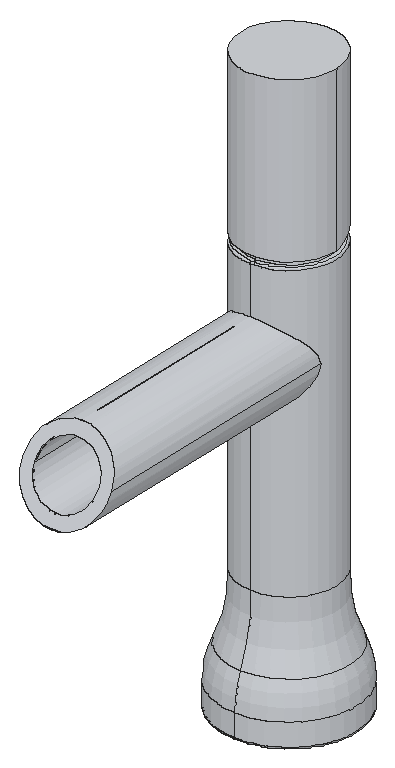
Revit family "Faucet-Lavatory-KOHLER-Toobi-K-7329IN", category Plumbing Fixtures, host Face, Revit 2017
Family settings
  Host = Face
  Round Connector Dimension = Use Diameter
  Part Type = Normal
  OmniClass Number = 23.31.11.00
  OmniClass Title = Faucets
  Cut with Voids When Loaded = No
  Shared = No
  Room Calculation Point = No
Parameters (values of type "CP-Polished Chrome")
  Width = 1 217/256"  # constant formula
  WaterSense Certified = 1 = 0  # no
  Waste Water Outlet = "Waste Water Outlet"  # constant formula
  Waste Connection = 1 = 0  # no
  Vent Connection = 1 = 0  # no
  URL = "https://www.kohler.co.in/"
  Type = 1
  Spout Reach = 3 25/32"  # constant formula
  Product Page URL = ""
  Product Name = "Toobi"  # constant formula
  Product Documentation Link = ""
  Pressure = 0.00 psi
  Model = "K-7329IN-9ND-CP"  # constant formula
  Material = "Premium Metal Construction"  # constant formula
  Master Format 2014 Name = "Residential Faucets, Supplies, and Trim"  # constant formula
  Master Format 2014 = "22 41 39"  # constant formula
  Manufacturer Address = "Ambience Office Tower NH-8 Gurgaon / Gurugram Haryana , 122001"  # constant formula
  Manufacturer = "KOHLER Co."  # constant formula
  Length = Spout Reach  # 3 25/32"
  Hot Water Inlet = "Hot Water Inlet"  # constant formula
  Height = 8 3/256"  # constant formula
  Handle Clearance = 0"
  HW Connection = 1 = 1  # yes
  Flow Rate = 0 GPM
  Finish = Kohler-Metal-CP-Polished_Chrome
  Faucet Hole Spacing = 0"
  Environmental Product Declaration = ""
  Drain Included = 1 = 0  # no
  Description = "TOOBI SINGLE CONTROL LAV FAUCET"  # constant formula
  Default Elevation = 36"
  Declare Label = ""
  Date Modified = "10/28/2020"  # constant formula
  Date Created = "10/28/2020"  # constant formula
  Copyright = "Copyright KOHLER Co."  # constant formula
  Contact Us = "https://www.kohler.co.in/contact-us"
  Cold Water Inlet = "Cold Water Inlet"  # constant formula
  CW Connection = 1 = 1  # yes
  Assembly Code = "D2010"
  ADA Compliant = 1 = 0  # no
Reference planes (in)
  plane 1 "Center (Front/Back)": y = 0
  plane 2: z = 0
  plane 3 "Center (Left/Right)": x = 0
  plane 4: x = -0.92474
  plane 5: x = 0.92292
  plane 6: y = 0.92471
  plane 7: y = -0.92471
  plane 8: y = -3.78125
  plane 9: z = 8.01172
  plane 10: z = 4.48819
  plane 11: z = 5.03937
  plane 12: z = 3.93701
Dimensions and locks (in)
  "Height": plane 9 to level
  "Spout Reach": plane 1 "Center (Front/Back)" to plane 8
  "Width": plane 4 to plane 5
  aligned and locked: plane 2 to host face
  aligned and locked: level to host face
  aligned and locked: plane 8 to nested 1
Automatic sketch dimensions
  host sketch curve to host sketch curve = 96"  (x2)
Nested families (in)
  nested 1: "K-7329IN" at (0, -0.00172, 0), type "K-7329IN"
Connectors (in)
  piping at (-0.61462, -0.00172, 0), diameter 0.5, driven by "HW Connection", driven by "Hot Water Inlet"
    settings: on nested 1, index 1, connector inside diameter 24", connector length 0", flow factor 0, pipe flow 0 GPM, pressure drop 0.00 psi, fitting loss kfactor 0, connector angle 0.00°, fixture units 0, engagement length 0", angle of deflection 0.00°, flow configuration 0, flow direction 1, fitting loss method 0, system type 19, joint type 0, gender type 0, connector reference index -1, connector utility 1, adjustable connector no, is connector primary yes, connector description "Hot Water Inlet"
  piping at (0.61462, -0.00172, 0), diameter 0.5, driven by "CW Connection", driven by "Cold Water Inlet"
    settings: on nested 1, index 2, connector inside diameter 24", connector length 0", flow factor 0, pipe flow 0 GPM, pressure drop 0.00 psi, fitting loss kfactor 0, connector angle 0.00°, fixture units 0, engagement length 0", angle of deflection 0.00°, flow configuration 0, flow direction 1, fitting loss method 0, system type 20, joint type 0, gender type 0, connector reference index -1, connector utility 1, adjustable connector no, is connector primary no, connector description "Cold Water Inlet"
Definition of nested family "K-7329IN"
  Parameters (values of type "K-7329IN")
    Material = none
  Reference planes (in)
    plane 1 "Center (Front/Back)": y = 0
    plane 2: z = 0
    plane 3 "Center (Left/Right)": x = 0
    plane 4: y = 0.92471
    plane 5: y = -0.92471
    plane 6: z = 8.01174
    plane 7: z = 4.48819
    plane 8: y = -3.77953
    plane 9: z = 3.93701
    plane 10: x = -0.92474
    plane 11: x = 0.92474
    plane 12: z = 5.03937
  Forms (in)
    Revolve 1, solid, material <- "Material", detail levels medium+fine
      sketch origin (0, 0, 0) x (0, 1, 0) y (0, 0, 1)
        loop
          line (0, 0) -> (0.90456, 0)
          arc (0.90456, 0) -> (0.91881, 0.0059) -> (0.92471, 0.02015) r 0.02015
          line (0.92471, 0.02015) -> (0.92471, 0.32826)
          arc (0.92471, 0.32826) -> (0.89891, 0.56789) -> (0.82269, 0.79653) r 1.12573
          arc (0.82269, 0.79653) -> (0.68138, 1.2395) -> (0.64961, 1.70337) r 1.93869
          line (0.64961, 1.70337) -> (0.64961, 5.68613)
          arc (0.64961, 5.68613) -> (0.64301, 5.70206) -> (0.62707, 5.70866) r 0.02253
          line (0.62707, 5.70866) -> (0.57078, 5.70866)
          arc (0.57078, 5.70866) -> (0.54599, 5.86898) -> (0.47689, 6.01575) r 0.56808
          line (0.47689, 6.01575) -> (0, 6.01575) -> (0, 0)
        axis (0, 6.01575) -> (0, 0)
      angle from 0 to 360
    Extrusion 2, solid, material <- "Material", detail levels medium+fine
      sketch origin (0, 0, 0) x (1, 0, 0) y (0, 1, 0)
        loop
          circle (0, 0) r 0.64961
      from 5.79378 to 8.01174
    Extrusion 3, void
      sketch origin (0, 0, 0) x (0, 1, 0) y (0, 0, 1)
        loop
          line (1.28766, 6.29962) -> (-0.0024, 5.7784) -> (1.28766, 5.7784) -> (1.28766, 6.29962)
      from -2.02252 to 1.95782
    Extrusion 4, solid, material <- "Material", detail levels medium+fine
      sketch origin (0, 0, 0) x (1, 0, 0) y (0, 0, 1)
        loop
          spline (-0.61083, 4.48819) -> (-0.59002, 4.34553) -> (-0.529, 4.2126) -> (-0.43192, 4.09845) -> (-0.30542, 4.01085) -> (-0.1581, 3.95579) -> (0, 3.93701) -> (0.1581, 3.95579) -> (0.30542, 4.01085) -> (0.43192, 4.09845) -> (0.529, 4.2126) -> (0.59002, 4.34553) -> (0.61083, 4.48819)
          spline (0.61083, 4.48819) -> (0.59002, 4.63085) -> (0.529, 4.76378) -> (0.43192, 4.87793) -> (0.30542, 4.96553) -> (0.1581, 5.02059) -> (0, 5.03937) -> (-0.1581, 5.02059) -> (-0.30542, 4.96553) -> (-0.43192, 4.87793) -> (-0.529, 4.76378) -> (-0.59002, 4.63085) -> (-0.61083, 4.48819)
        loop
          spline (-0.44092, 4.48819) -> (-0.42589, 4.38629) -> (-0.38184, 4.29134) -> (-0.31177, 4.2098) -> (-0.22046, 4.14723) -> (-0.11412, 4.1079) -> (0, 4.09449) -> (0.11412, 4.1079) -> (0.22046, 4.14723) -> (0.31177, 4.2098) -> (0.38184, 4.29134) -> (0.42589, 4.38629) -> (0.44092, 4.48819)
          spline (0.44092, 4.48819) -> (0.42589, 4.59009) -> (0.38184, 4.68504) -> (0.31177, 4.76658) -> (0.22046, 4.82914) -> (0.11412, 4.86847) -> (0, 4.88189) -> (-0.11412, 4.86847) -> (-0.22046, 4.82914) -> (-0.31177, 4.76658) -> (-0.38184, 4.68504) -> (-0.42589, 4.59009) -> (-0.44092, 4.48819)
      from 0 to 4.04389
    Extrusion 5, void
      sketch origin (0, 0, 0) x (0, 1, 0) y (0, 0, 1)
        loop
          line (-3.46446, 5.13375) -> (-4.25187, 5.13375) -> (-4.25187, 3.91819) -> (-4.05733, 3.91819) -> (-3.46446, 5.13375)
      from -0.75249 to 0.70543
    Revolve 6, solid, material <- "Material", detail levels medium+fine
      sketch origin (0, 0, 0) x (0, 1, 0) y (0, 0, 1)
        loop
          line (0.62112, 6.55316) -> (0.62112, 6.38563) -> (0.72171, 6.38563)
          arc (0.72171, 6.38563) -> (0.69334, 6.48256) -> (0.62112, 6.55316) r 0.19942
        axis (0.62112, 6.38563) -> (0.72171, 6.38563)
      angle from 0 to 360
    Revolve 7, solid, material <- "Material", detail levels coarse
      sketch origin (0, 0, 0) x (0, 1, 0) y (0, 0, 1)
        loop
          line (0.0032, 0) -> (0.98425, 0) -> (0.98425, 0.69115)
          arc (0.98425, 0.69115) -> (0.79782, 1.20684) -> (0.70143, 1.74665) r 3.22536
          line (0.70143, 1.74665) -> (0.70143, 8.12307) -> (0.0032, 8.12307) -> (0.0032, 0)
        axis (0.0032, 8.12307) -> (0.0032, 0)
      angle from 0 to 360
    Revolve 8, solid, material <- "Material", detail levels coarse
      sketch origin (0, 0, 0) x (0, 1, 0) y (0, 0, 1)
        loop
          line (-0.30566, 5.10894) -> (-4.16162, 5.10894) -> (-4.16162, 4.48819) -> (-0.30566, 4.48819) -> (-0.30566, 5.10894)
        axis (-0.30566, 4.48819) -> (-4.16162, 4.48819)
      angle from 0 to 360
    Extrusion 9, solid, material <- "Material"
      sketch origin (0, 0, 0) x (1, 0, 0) y (0, 1, 0)
        loop
          circle (-0.61462, 0) r 0.11635
        loop
          circle (0.61462, 0) r 0.11635
      from 0 to 0.11414
  Cuts and joins
    Extrusion 3 cuts Extrusion 2
    Extrusion 5 cuts Extrusion 4
    joined: Revolve 1, Extrusion 2, Extrusion 4
  Lines and regions (in)
    Masking region 1
      outline origin (0, 0, 0) x (0, 1, 0) y (0, 0, 1)
        loop
          arc (0.64956, 5.68617) -> (0.64286, 5.70317) -> (0.62544, 5.70866) r 0.02122
          line (0.62544, 5.70866) -> (0.57078, 5.70866)
          arc (0.57078, 5.70866) -> (0.55208, 5.84935) -> (0.49837, 5.98072) r 0.55611
          line (0.49837, 5.98072) -> (0.64961, 6.04183) -> (0.64961, 6.23781)
          arc (0.64961, 6.23781) -> (0.72157, 6.38565) -> (0.64961, 6.53348) r 0.18784
          line (0.64961, 6.53348) -> (0.64961, 8.01174) -> (0, 8.01174) -> (-0.64961, 8.01174) -> (-0.64961, 6.53348) -> (-0.64961, 6.23781) -> (-0.64961, 6.04183) -> (-0.64961, 5.79378) -> (-0.56386, 5.79378)
          arc (-0.56386, 5.79378) -> (-0.56896, 5.75135) -> (-0.57078, 5.70866) r 0.55611
          line (-0.57078, 5.70866) -> (-0.62544, 5.70866)
          arc (-0.62544, 5.70866) -> (-0.64286, 5.70317) -> (-0.64956, 5.68617) r 0.02122
          line (-0.64956, 5.68617) -> (-0.64956, 5.03859) -> (-3.51017, 5.03859) -> (-4.04745, 3.93701) -> (-0.65187, 3.93701) -> (-0.65187, 1.58934)
          arc (-0.65187, 1.58934) -> (-0.66987, 1.32508) -> (-0.72352, 1.06571) r 1.94942
          arc (-0.72352, 1.06571) -> (-0.77036, 0.92313) -> (-0.82995, 0.7854) r 1.651
          arc (-0.82995, 0.7854) -> (-0.89436, 0.61312) -> (-0.92471, 0.43172) r 0.95927
          line (-0.92471, 0.43172) -> (-0.92471, 0.01936)
          arc (-0.92471, 0.01936) -> (-0.91809, 0.00472) -> (-0.90273, 0) r 0.01952
          line (-0.90273, 0) -> (0, 0) -> (0.90273, 0)
          arc (0.90273, 0) -> (0.91809, 0.00472) -> (0.92471, 0.01936) r 0.01952
          line (0.92471, 0.01936) -> (0.92471, 0.43164)
          arc (0.92471, 0.43164) -> (0.89436, 0.61308) -> (0.82994, 0.7854) r 0.95927
          arc (0.82994, 0.7854) -> (0.77035, 0.92313) -> (0.72351, 1.06571) r 1.651
          arc (0.72351, 1.06571) -> (0.66986, 1.32508) -> (0.65187, 1.58934) r 1.94942
          line (0.65187, 1.58934) -> (0.65187, 5.68617)
    Masking region 2
      outline origin (0, 0, 0) x (1, 0, 0) y (0, 0, 1)
        loop
          line (0, 0) -> (0.90352, 0)
          arc (0.90352, 0) -> (0.91815, 0.00584) -> (0.92474, 0.02014) r 0.02125
          line (0.92474, 0.02014) -> (0.92474, 0.37662)
          arc (0.92474, 0.37662) -> (0.89853, 0.60785) -> (0.82122, 0.82734) r 1.03296
          arc (0.82122, 0.82734) -> (0.67857, 1.25422) -> (0.64961, 1.70337) r 1.74882
          line (0.64961, 1.70337) -> (0.64961, 5.68375)
          arc (0.64961, 5.68375) -> (0.64407, 5.69966) -> (0.62984, 5.70868) r 0.0256
          line (0.62984, 5.70868) -> (0.57193, 5.70868)
          arc (0.57193, 5.70868) -> (0.57006, 5.75146) -> (0.56352, 5.79378) r 0.39029
          line (0.56352, 5.79378) -> (0.64958, 5.79378) -> (0.64958, 8.01174) -> (0, 8.01174) -> (-0.64958, 8.01174) -> (-0.64958, 5.79378) -> (-0.56352, 5.79378)
          arc (-0.56352, 5.79378) -> (-0.57006, 5.75146) -> (-0.57193, 5.70868) r 0.39029
          line (-0.57193, 5.70868) -> (-0.62984, 5.70868)
          arc (-0.62984, 5.70868) -> (-0.64407, 5.69966) -> (-0.64961, 5.68375) r 0.0256
          line (-0.64961, 5.68375) -> (-0.64961, 1.70337)
          arc (-0.64961, 1.70337) -> (-0.67857, 1.25422) -> (-0.82122, 0.82734) r 1.74882
          arc (-0.82122, 0.82734) -> (-0.89853, 0.60785) -> (-0.92474, 0.37662) r 1.03296
          line (-0.92474, 0.37662) -> (-0.92474, 0.02014)
          arc (-0.92474, 0.02014) -> (-0.91815, 0.00584) -> (-0.90352, 0) r 0.02125
          line (-0.90352, 0) -> (0, 0)
    Masking region 3
      outline origin (0, 0, 0) x (1, 0, 0) y (0, 1, 0)
        loop
          arc (0, 0.92471) -> (-0.65389, 0.65386) -> (-0.92474, -0.00003) r 0.92474
          arc (-0.92474, -0.00003) -> (-0.84261, -0.38078) -> (-0.61082, -0.69381) r 0.9236
          line (-0.61082, -0.69381) -> (-0.61082, -3.77953)
          spline (-0.61082, -3.77953) -> (-0.60676, -3.81038) -> (-0.5946, -3.84103) -> (-0.57444, -3.87085) -> (-0.54654, -3.89946) -> (-0.51129, -3.92645) -> (-0.46915, -3.95148) -> (-0.42069, -3.9742) -> (-0.36657, -3.99432) -> (-0.30749, -4.01156) -> (-0.24427, -4.02568) -> (-0.17775, -4.03651) -> (-0.10881, -4.04389)
          line (-0.10881, -4.04389) -> (0.10881, -4.04389)
          spline (0.10881, -4.04389) -> (0.17775, -4.03651) -> (0.24427, -4.02568) -> (0.30749, -4.01156) -> (0.36657, -3.99432) -> (0.42069, -3.9742) -> (0.46915, -3.95148) -> (0.51129, -3.92645) -> (0.54654, -3.89946) -> (0.57444, -3.87085) -> (0.5946, -3.84103) -> (0.60676, -3.81038) -> (0.61075, -3.77932)
          line (0.61075, -3.77932) -> (0.61082, -0.69381)
          arc (0.61082, -0.69381) -> (0.84261, -0.38078) -> (0.92474, -0.00003) r 0.9236
          arc (0.92474, -0.00003) -> (0.65389, 0.65386) -> (0, 0.92471) r 0.92474
    symbolic lines, detail levels medium+fine
      curve 1: line (0, 0.62707, 5.70866) -> (0, -0.62707, 5.70866)
      curve 2: line (0, 0.64961, 6.04183) -> (0, 0.03567, 5.79378)
      curve 3: line (0, -0.64961, 5.79378) -> (0, 0.03567, 5.79378)
      curve 4: line (0, 0.64961, 6.53348) -> (0, 0.64961, 6.23781)
      curve 5: spline (0.61083, 0, 4.48819) -> (0.59002, 0, 4.63085) -> (0.529, 0, 4.76378) -> (0.43192, 0, 4.87793) -> (0.30542, 0, 4.96553) -> (0.1581, 0, 5.02059) -> (0, 0, 5.03937) -> (-0.1581, 0, 5.02059) -> (-0.30542, 0, 4.96553) -> (-0.43192, 0, 4.87793) -> (-0.529, 0, 4.76378) -> (-0.59002, 0, 4.63085) -> (-0.61083, 0, 4.48819)
      curve 6: spline (-0.61083, 0, 4.48819) -> (-0.59002, 0, 4.34553) -> (-0.529, 0, 4.2126) -> (-0.43192, 0, 4.09845) -> (-0.30542, 0, 4.01085) -> (-0.1581, 0, 3.95579) -> (0, 0, 3.93701) -> (0.1581, 0, 3.95579) -> (0.30542, 0, 4.01085) -> (0.43192, 0, 4.09845) -> (0.529, 0, 4.2126) -> (0.59002, 0, 4.34553) -> (0.61083, 0, 4.48819)
      curve 7: spline (-0.44092, 0, 4.48819) -> (-0.42589, 0, 4.59009) -> (-0.38184, 0, 4.68504) -> (-0.31177, 0, 4.76658) -> (-0.22046, 0, 4.82914) -> (-0.11412, 0, 4.86847) -> (0, 0, 4.88189) -> (0.11412, 0, 4.86847) -> (0.22046, 0, 4.82914) -> (0.31177, 0, 4.76658) -> (0.38184, 0, 4.68504) -> (0.42589, 0, 4.59009) -> (0.44092, 0, 4.48819)
      curve 8: spline (0.44092, 0, 4.48819) -> (0.42589, 0, 4.38629) -> (0.38184, 0, 4.29134) -> (0.31177, 0, 4.2098) -> (0.22046, 0, 4.14723) -> (0.11412, 0, 4.1079) -> (0, 0, 4.09449) -> (-0.11412, 0, 4.1079) -> (-0.22046, 0, 4.14723) -> (-0.31177, 0, 4.2098) -> (-0.38184, 0, 4.29134) -> (-0.42589, 0, 4.38629) -> (-0.44092, 0, 4.48819)
      curve 9: line (0, 0, 5.70866) -> (-0.62707, 0, 5.70866)
      curve 10: line (0.62707, 0, 5.70866) -> (0, 0, 5.70866)
      curve 11: line (-0.64961, 0, 5.79378) -> (0.64961, 0, 5.79378)
      curve 12: arc (-0.64961, 0, 0) -> (0, -0.64961, 0) -> (0.64961, 0, 0) r 0.64961
      curve 13: line (-0.61082, -0.69381, 0) -> (-0.61082, -0.21941, 0)
      curve 14: line (0.61082, -0.69381, 0) -> (0.61082, -0.21941, 0)
      curve 15: arc (-0.64961, 0, 0) -> (0, 0.64961, 0) -> (0.64961, 0, 0) r 0.64961
      curve 16: arc (-0.16408, 0.62854, 0) -> (0, 0.72404, 0) -> (0.16408, 0.62854, 0) r 0.18871
      curve 17: spline (-0.61057, -3.77932, 0) -> (-0.59028, -3.70985, 0) -> (-0.52956, -3.64505, 0) -> (-0.43258, -3.58939, 0) -> (-0.30597, -3.54666, 0) -> (-0.15841, -3.51979, 0) -> (0, -3.51062, 0) -> (0.15841, -3.51979, 0) -> (0.30597, -3.54666, 0) -> (0.43258, -3.58939, 0) -> (0.52956, -3.64505, 0) -> (0.59028, -3.70985, 0) -> (0.61057, -3.77932, 0)
      curve 18: spline (0.44123, -3.77932, 0) -> (0.42558, -3.72951, 0) -> (0.38117, -3.68314, 0) -> (0.31099, -3.64336, 0) -> (0.2198, -3.61285, 0) -> (0.11374, -3.59369, 0) -> (0, -3.58715, 0) -> (-0.11374, -3.59369, 0) -> (-0.2198, -3.61285, 0) -> (-0.31099, -3.64336, 0) -> (-0.38117, -3.68314, 0) -> (-0.42558, -3.72951, 0) -> (-0.44123, -3.77932, 0)
      curve 19: spline (-0.44123, -3.77932, 0) -> (-0.42558, -3.82914, 0) -> (-0.38117, -3.87551, 0) -> (-0.31099, -3.91529, 0) -> (-0.2198, -3.94579, 0) -> (-0.11374, -3.96496, 0) -> (0, -3.9715, 0) -> (0.11374, -3.96496, 0) -> (0.2198, -3.94579, 0) -> (0.31099, -3.91529, 0) -> (0.38117, -3.87551, 0) -> (0.42558, -3.82914, 0) -> (0.44123, -3.77932, 0)
  Dimensions and locks (in)
    level to plane 6 = 8.01174"
    plane 1 "Center (Front/Back)" to plane 8 = 3.77953"
    plane 7 to level = 4.48819"
    level to plane 9 = 3.93701"
    aligned and locked: level to plane 2
